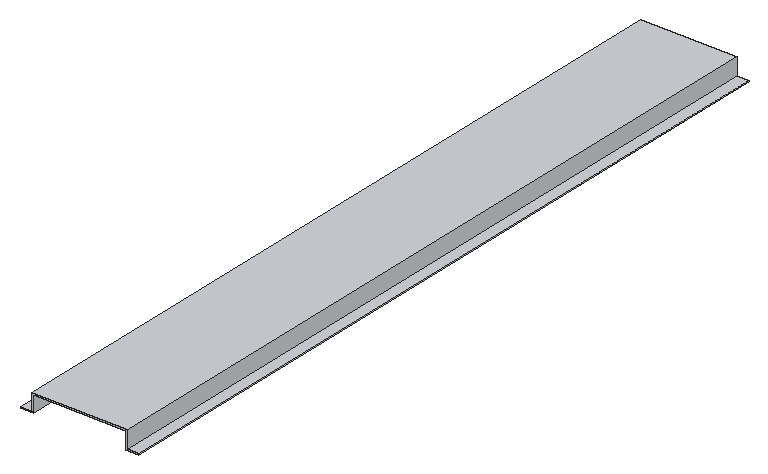
Revit family "Support Framing System (Thermal Block Insulation) (Side Support Channel)", category Mechanical Equipment, Revit 2015
Parameters
  URL = "https://unitedenertech.com/catalog/pdf/M_38%20SUPPORT%20FRAMING%20SYSTEM%20(THERMAL%20BLOCK).pdf"
  Type Comments = "Consult Factory for Max. Sizes"
  Model = "Support Framing System (Thermal Block Insulation) (Side Support Channel)"
  Manufacturer = "Untied Enertech Corporation"
  Length = 4' - 0"
  Description = "Support Framing System for Thermal Block Insulated Roof"
Reference planes (in)
  plane 1 "Center (Front/Back)": y = 0
  plane 2: z = 0
  plane 3 "Center (Left/Right)": x = 0
  plane 4: x = -3
  plane 5: x = 3
  plane 6: x = -3.75
  plane 7: x = 3.75
  plane 8: z = 0.0747
  plane 9: x = -2.9253
  plane 10: x = 2.9253
  plane 11: y = 24
  plane 12: y = -24
  plane 13: z = 1.125
  plane 14: z = 1.0503
Forms (in)
  Extrusion 1, solid
    sketch origin (0, 0, 0) x (1, 0, 0) y (0, 0, 1)
      loop
        line (-3.75, 0) -> (-2.9253, 0) -> (-2.9253, 1.0503) -> (2.9253, 1.0503) -> (2.9253, 0) -> (3.75, 0) -> (3.75, 0.0747) -> (3, 0.0747) -> (3, 1.125) -> (-3, 1.125) -> (-3, 0.0747) -> (-3.75, 0.0747) -> (-3.75, 0)
    from -24 to 24
Dimensions and locks (in)
  equal spacing: plane 5, plane 3 "Center (Left/Right)", plane 4
  locked: plane 5 to plane 4 at 6
  locked: plane 6 to plane 4 at 0.75
  locked: plane 7 to plane 5 at 0.75
  locked: plane 8 to level at 0.0747
  locked: plane 4 to plane 9 at 0.0747
  locked: plane 5 to plane 10 at 0.0747
  equal spacing: plane 11, plane 1 "Center (Front/Back)", plane 12
  "Length": plane 11 to plane 12
  locked: plane 13 to plane 14 at 0.0747
  locked: plane 13 to level at 1.125
  aligned and locked: level to plane 2
  aligned and locked: Extrusion 1 sketch curve to plane 6
  aligned and locked: Extrusion 1 sketch curve to plane 7
  aligned and locked: Extrusion 1 sketch curve to plane 8  (x2)
  aligned and locked: level to Extrusion 1 sketch curve  (x2)
  aligned and locked: plane 4 to Extrusion 1 sketch curve
  aligned and locked: Extrusion 1 sketch curve to plane 13
  aligned and locked: Extrusion 1 sketch curve to plane 5
  aligned and locked: Extrusion 1 sketch curve to plane 14
  aligned and locked: plane 9 to Extrusion 1 sketch curve
  aligned and locked: plane 10 to Extrusion 1 sketch curve
  aligned and locked: plane 11 to Extrusion 1
  aligned and locked: Extrusion 1 to plane 12
